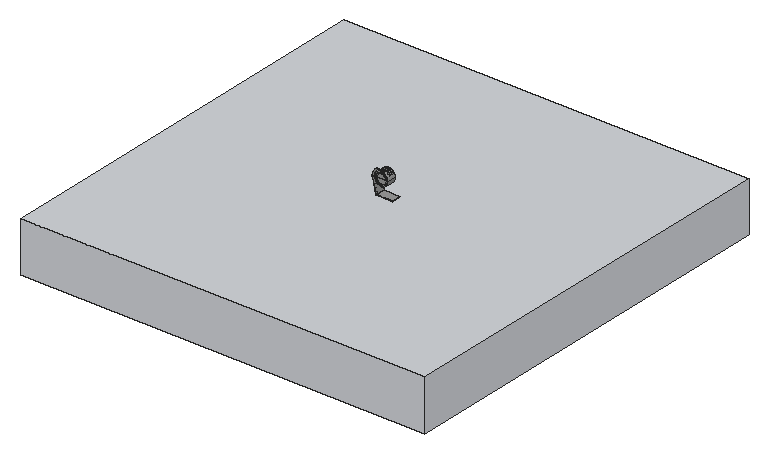
Revit family "LAMP_MICROSHOT G2", category Modelos genéricos, Revit 2015
Parameters (values of type "609LM 3000 MEDIUM FLOOD GR")
  Weight = 0.714 kg
  Type = "HI POWER NICHIA"
  Tilting [instance] = 0.00°
  Protection rating = "IP65 / IK06"
  Product datasheet = "http://www.lamp.es/product-files/TECH/MC209MF8300G-EN.pdf"
  Product code = "MC209MF8300G"
  Product URL = "http://www.lamp.es/en/family/shot_33486"
  Power Supply = "700mA DC"
  Power = 6 W
  Photometric web file = Cabeza Microshot : 609LM 3000 MEDIUM FLOOD
  Modelo = Product code  # "MC209MF8300G"
  Model explanation = "Availability of tilting between -30º and 90º when placed in a project."
  Material cuerpo = LAMP_Aluminio Shot
  Material cabeza = LAMP_Aluminio Shot
  Manufacturer name = "LAMP"
  Manufacturer country = "Spain"
  Manufacturer URL = "http://www.lamp.es/en"
  MacAdam = "3"
  Luminaire type = "Outdoor - Spotlight"
  Last update = "11/04/2019"
  Lamp = "HIGH POWER LED"
  LED Lifetime = "60.000 L90 B10"
  Insulation class = "III"
  Installation instructions = "http://www.lamp.es/product-files/INS/1003120-C-INSTR.%20MICRO%20SHOT.pdf"
  Initial intensity = 609 lm
  Initial color = 3000 K
  IEE = "A+"
  Height = 161 mm
  Gear = "Electronic"
  Finish = "Texturised grey"
  Fabricante = Manufacturer name  # "LAMP"
  Default Elevation = 1219.2 mm
  Diameter = 80 mm
  Descripción = "MICRO SHOT G2 900 WW MFL NO GEAR GR."
  Comentarios de tipo = Model explanation  # "Availability of tilting between -30º and 90º when placed in a project."
  CRI = "80"
  Angulo inclinacion [instance] = if(Tilting > 90.00°, 0.00°, if(Tilting < -30.00°, 120.00°, -Tilting + 90.00°))  # 90.00°
Types (8, lengths in mm): name | Product datasheet | Product code | Photometric web file | Modelo | Material cuerpo | Material cabeza | Initial intensity | Initial color | Finish | Descripción
  609LM 3000 MEDIUM FLOOD ANT | "http://www.lamp.es/product-files/TECH/MC209MF8300A-EN.pdf" | "MC209MF8300A" | Cabeza Microshot : 609LM 3000 MEDIUM FLOOD | "MC209MF8300A" | LAMP_Aluminio Shot Antracita | LAMP_Aluminio Shot Antracita | 609 lm | 3000 K | "Textured anthracite grey" | "MICRO SHOT G2 900 WW MFL NO GEAR ANT."
  609LM 3000 MEDIUM FLOOD GR | "http://www.lamp.es/product-files/TECH/MC209MF8300G-EN.pdf" | "MC209MF8300G" | Cabeza Microshot : 609LM 3000 MEDIUM FLOOD | "MC209MF8300G" | LAMP_Aluminio Shot | LAMP_Aluminio Shot | 609 lm | 3000 K | "Texturised grey" | "MICRO SHOT G2 900 WW MFL NO GEAR GR."
  609LM 4000 MEDIUM FLOOD ANT | "http://www.lamp.es/product-files/TECH/MC209MF8400A-EN.pdf" | "MC209MF8400A" | Cabeza Microshot : 609LM 4000 MEDIUM FLOOD | "MC209MF8400A" | LAMP_Aluminio Shot Antracita | LAMP_Aluminio Shot Antracita | 609 lm | 4000 K | "Textured anthracite grey" | "MICRO SHOT G2 900 NW MFL NO GEAR ANT."
  609LM 4000 MEDIUM FLOOD GR | "http://www.lamp.es/product-files/TECH/MC209MF8400G-EN.pdf" | "MC209MF8400G" | Cabeza Microshot : 609LM 4000 MEDIUM FLOOD | "MC209MF8400G" | LAMP_Aluminio Shot | LAMP_Aluminio Shot | 609 lm | 4000 K | "Texturised grey" | "MICRO SHOT G2 900 NW MFL NO GEAR GR."
  720LM 3000 SPOT ANT | "http://www.lamp.es/product-files/TECH/MC209SP8300A-EN.pdf" | "MC209SP8300A" | Cabeza Microshot : 720LM 3000 SPOT | "MC209SP8300A" | LAMP_Aluminio Shot Antracita | LAMP_Aluminio Shot Antracita | 720 lm | 3000 K | "Textured anthracite grey" | "MICRO SHOT G2 900 WW SP NO GEAR ANT."
  720LM 3000 SPOT GR | "http://www.lamp.es/product-files/TECH/MC209SP8300G-EN.pdf" | "MC209SP8300G" | Cabeza Microshot : 720LM 3000 SPOT | "MC209SP8300G" | LAMP_Aluminio Shot | LAMP_Aluminio Shot | 720 lm | 3000 K | "Texturised grey" | "MICRO SHOT G2 900 WW SP NO GEAR GR."
  720LM 4000 SPOT ANT | "http://www.lamp.es/product-files/TECH/MC209SP8400A-EN.pdf" | "MC209SP8400A" | Cabeza Microshot : 720LM 4000 SPOT | "MC209SP8400A" | LAMP_Aluminio Shot Antracita | LAMP_Aluminio Shot Antracita | 720 lm | 4000 K | "Textured anthracite grey" | "MICRO SHOT G2 900 NW SP NO GEAR ANT."
  720LM 4000 SPOT GR | "http://www.lamp.es/product-files/TECH/MC209SP8400G-EN.pdf" | "MC209SP8400G" | Cabeza Microshot : 720LM 4000 SPOT | "MC209SP8400G" | LAMP_Aluminio Shot | LAMP_Aluminio Shot | 720 lm | 4000 K | "Texturised grey" | "MICRO SHOT G2 900 NW SP NO GEAR GR."
Reference planes
  plane 1 "Centro (Frontal/Posterior)": y = 0
  plane 2: z = 0
  plane 3 "Centro (Izquierda/Derecha)": x = 0
  plane 4: z = 118.097
Forms (mm)
  Extrusion 1, solid
    sketch origin (0, 0, 0) x (1, 0, 0) y (0, 1, 0)
      loop
        line (-1219.2, 1219.2) -> (-1219.2, -1219.2) -> (1219.2, -1219.2) -> (1219.2, 1219.2) -> (-1219.2, 1219.2)
    from 0 to -304.8
  Extrusion 2, solid, material "LAMP_Aluminio Shot" <- "Material cuerpo"
    sketch origin (0, 0, 0) x (1, 0, 0) y (0, 0, 1)
      loop
        line (-48.3, 0) -> (48.3, 0) -> (48.3, 3) -> (-48.8, 3)
        arc (-48.8, 3) -> (-49.507, 3.293) -> (-49.8, 4) r 1
        line (-49.8, 4) -> (-49.8, 143.4) -> (-52.8, 143.4) -> (-52.8, 4.5)
        arc (-52.8, 4.5) -> (-51.482, 1.318) -> (-48.3, 0) r 4.5
    from -64.154 to 55.846
  Extrusion 3, void
    sketch origin (0, 6.238, 0) x (0, 1, 0) y (0, 0, 1)
      loop
        line (50, 5) -> (50, 0) -> (57.916, 0) -> (57.916, 5) -> (57.916, 143.4) -> (12.916, 143.4) -> (-38.848, 143.4) -> (-62.084, 143.4) -> (-62.084, 5) -> (-62.084, 0) -> (-1.764, 0) -> (-1.764, 5) -> (-30.338, 111.64)
        arc (-30.338, 111.64) -> (-12.66, 142.259) -> (17.958, 124.581) r 25
        line (17.958, 124.581) -> (50, 5)
    from -52.8 to 48.8
  Extrusion 4, void
    sketch origin (0, 6.238, 0) x (0, 1, 0) y (0, 0, 1)
      loop
        circle (-6.238, 118.097) r 12.3
      loop
        arc (11.176, 115.919) -> (-0.6, 134.717) -> (-21.383, 126.965) r 17.55
        arc (-21.383, 126.965) -> (-20.712, 124.399) -> (-18.147, 125.07) r 1.875
        arc (-18.147, 125.07) -> (-1.583, 131.088) -> (7.389, 115.919) r 13.8
        arc (7.389, 115.919) -> (9.283, 114.026) -> (11.176, 115.919) r 1.894
    from -52.8 to -49.8
  Extrusion 5, solid, material "LAMP_Aluminio Shot" <- "Material cuerpo"
    sketch origin (0, 0, 0) x (0, 1, 0) y (0, 0, 1)
      loop
        line (47.921, 8.423) -> (47.921, 22.496)
        arc (47.921, 22.496) -> (47.097, 23.32) -> (46.272, 22.496) r 0.824
        line (46.272, 22.496) -> (46.272, 10.038)
        arc (46.272, 10.038) -> (46.058, 9.52) -> (45.54, 9.305) r 0.733
        line (45.54, 9.305) -> (43.815, 9.305)
        arc (43.815, 9.305) -> (43.369, 9.448) -> (43.088, 9.824) r 0.768
        line (43.088, 9.824) -> (38.839, 22.179)
        arc (38.839, 22.179) -> (37.363, 23.233) -> (35.887, 22.179) r 1.561
        line (35.887, 22.179) -> (31.68, 9.946)
        arc (31.68, 9.946) -> (30.629, 9.321) -> (29.839, 10.254) r 0.946
        line (29.839, 10.254) -> (29.839, 21.715)
        arc (29.839, 21.715) -> (28.643, 23.377) -> (26.687, 22.771) r 1.753
        line (26.687, 22.771) -> (24.056, 20.14) -> (21.426, 22.771)
        arc (21.426, 22.771) -> (19.469, 23.377) -> (18.273, 21.715) r 1.753
        line (18.273, 21.715) -> (18.273, 10.067)
        arc (18.273, 10.067) -> (18.05, 9.528) -> (17.511, 9.305) r 0.762
        line (17.511, 9.305) -> (15.816, 9.305)
        arc (15.816, 9.305) -> (15.274, 9.53) -> (15.049, 10.071) r 0.766
        line (15.049, 10.071) -> (15.049, 22.467)
        arc (15.049, 22.467) -> (14.825, 23.008) -> (14.283, 23.233) r 0.766
        line (14.283, 23.233) -> (7.581, 23.233)
        arc (7.581, 23.233) -> (7.032, 23.005) -> (6.805, 22.457) r 0.776
        line (6.805, 22.457) -> (6.805, 16.552)
        arc (6.805, 16.552) -> (7.022, 16.029) -> (7.544, 15.813) r 0.739
        line (7.544, 15.813) -> (12.383, 15.813)
        arc (12.383, 15.813) -> (13.207, 16.637) -> (12.383, 17.462) r 0.824
        line (12.383, 17.462) -> (9.212, 17.462)
        arc (9.212, 17.462) -> (8.676, 17.684) -> (8.454, 18.219) r 0.758
        line (8.454, 18.219) -> (8.454, 20.821)
        arc (8.454, 20.821) -> (8.677, 21.36) -> (9.216, 21.584) r 0.762
        line (9.216, 21.584) -> (12.66, 21.584)
        arc (12.66, 21.584) -> (13.184, 21.367) -> (13.4, 20.843) r 0.74
        line (13.4, 20.843) -> (13.4, 8.444)
        arc (13.4, 8.444) -> (13.625, 7.902) -> (14.166, 7.678) r 0.766
        line (14.166, 7.678) -> (19.243, 7.678)
        arc (19.243, 7.678) -> (19.744, 7.885) -> (19.951, 8.385) r 0.708
        line (19.951, 8.385) -> (19.951, 21.479) -> (24.056, 17.373) -> (28.162, 21.479) -> (28.162, 8.511)
        arc (28.162, 8.511) -> (28.375, 7.995) -> (28.89, 7.782) r 0.729
        line (28.89, 7.782) -> (32.16, 7.782)
        arc (32.16, 7.782) -> (32.582, 7.917) -> (32.848, 8.273) r 0.727
        line (32.848, 8.273) -> (37.363, 21.396) -> (41.903, 8.2)
        arc (41.903, 8.2) -> (42.186, 7.822) -> (42.636, 7.678) r 0.775
        line (42.636, 7.678) -> (47.176, 7.678)
        arc (47.176, 7.678) -> (47.703, 7.896) -> (47.921, 8.423) r 0.745
    from -53.8 to -52.8
Cuts and joins
  Extrusion 3, Extrusion 4 cuts Extrusion 2
Lines and regions (mm)
  reference lines
    curve 1: line (0, 0, 118.097) -> (0, 100, 118.097)
    curve 2: line (0, 12.3, 118.097) -> (0, -12.3, 118.097)
Text (mm)
  text "Any modification of the parameters and properties of the LAMP BIM models must be executed and validated by the LAMP technical department.\n\nPhone: +34 93 736 68 00\n\nE-mail: lamp@lamp.es\n\n\n\nLAMP reserves the right to modify the technical specifications of its products." at (13118.71, 21931.141, -7023.284), in view "Preview"
Dimensions and locks
  "Angulo inclinacion": angle curve 1 to plane 1 "Centro (Frontal/Posterior)"
  aligned and locked: plane 2 to Extrusion 1
  aligned and locked: level to Extrusion 1
  aligned and locked: plane 1 "Centro (Frontal/Posterior)" to curve 1
  aligned and locked: plane 4 to curve 1
Automatic sketch dimensions
  Extrusion 1 sketch curve to Extrusion 1 sketch curve = 2438.4 mm  (x2)
  Extrusion 2 sketch curve to level = 0 mm
  Extrusion 2 sketch curve to plane 4 = 25.303 mm
  Extrusion 2 sketch curve to plane 3 "Centro (Izquierda/Derecha)" = 52.8 mm
  Extrusion 2 sketch curve to Extrusion 2 sketch curve = 3 mm
  Extrusion 2 sketch curve to Extrusion 2 sketch curve = 1 mm
  Extrusion 2 sketch curve to Extrusion 2 sketch curve = 0.5 mm
  plane 3 "Centro (Izquierda/Derecha)" to Extrusion 2 sketch curve = 48.3 mm
  level to Extrusion 2 sketch curve = 3 mm
  Extrusion 3 sketch curve to level = 0 mm  (x2)
  level to Extrusion 3 sketch curve = 5 mm  (x4)
  plane 1 "Centro (Frontal/Posterior)" to Extrusion 3 sketch curve = 55.846 mm
  Extrusion 3 sketch curve to Extrusion 3 sketch curve = 23.236 mm
  plane 4 to Extrusion 3 sketch curve = 6.458 mm
  plane 1 "Centro (Frontal/Posterior)" to Extrusion 3 sketch curve = 24.1 mm
  Extrusion 3 sketch curve to plane 4 = 0.013 mm
  Extrusion 3 sketch curve to plane 1 "Centro (Frontal/Posterior)" = 0.048 mm
  Extrusion 3 sketch curve to plane 1 "Centro (Frontal/Posterior)" = 4.474 mm
  Extrusion 3 sketch curve to plane 1 "Centro (Frontal/Posterior)" = 19.154 mm
  Extrusion 3 sketch curve to plane 4 = 6.483 mm
  Extrusion 3 sketch curve to Extrusion 3 sketch curve = 51.764 mm
  Extrusion 3 sketch curve to Extrusion 3 sketch curve = 7.916 mm
  Extrusion 3 sketch curve to plane 4 = 25.303 mm
  Extrusion 4 sketch curve to Extrusion 4 sketch curve = 0 mm  (x7)
  Extrusion 4 sketch curve to plane 1 "Centro (Frontal/Posterior)" = 0 mm
  plane 4 to Extrusion 4 sketch curve = 0 mm
  plane 1 "Centro (Frontal/Posterior)" to Extrusion 4 sketch curve = 13.527 mm
  plane 4 to Extrusion 4 sketch curve = 2.178 mm
  Extrusion 4 sketch curve to plane 1 "Centro (Frontal/Posterior)" = 15.521 mm
  Extrusion 4 sketch curve to plane 4 = 7.92 mm
  Extrusion 4 sketch curve to Extrusion 4 sketch curve = 1.618 mm
  Extrusion 5 sketch curve to plane 1 "Centro (Frontal/Posterior)" = 6.805 mm
  Extrusion 5 sketch curve to Extrusion 5 sketch curve = 0.739 mm
  Extrusion 5 sketch curve to Extrusion 5 sketch curve = 0.776 mm
  Extrusion 5 sketch curve to Extrusion 5 sketch curve = 0.91 mm
  Extrusion 5 sketch curve to Extrusion 5 sketch curve = 0.758 mm
  Extrusion 5 sketch curve to Extrusion 5 sketch curve = 0.762 mm  (x2)
  Extrusion 5 sketch curve to Extrusion 5 sketch curve = 3.171 mm
  Extrusion 5 sketch curve to Extrusion 5 sketch curve = 3.444 mm
  Extrusion 5 sketch curve to Extrusion 5 sketch curve = 1.018 mm
  Extrusion 5 sketch curve to Extrusion 5 sketch curve = 0.766 mm  (x3)
  Extrusion 5 sketch curve to Extrusion 5 sketch curve = 1.623 mm
  Extrusion 5 sketch curve to Extrusion 5 sketch curve = 1.696 mm
  Extrusion 5 sketch curve to Extrusion 5 sketch curve = 1.732 mm
  Extrusion 5 sketch curve to Extrusion 5 sketch curve = 1.677 mm  (x2)
  Extrusion 5 sketch curve to Extrusion 5 sketch curve = 0.076 mm  (x2)
  Extrusion 5 sketch curve to Extrusion 5 sketch curve = 1.399 mm  (x2)
  Extrusion 5 sketch curve to Extrusion 5 sketch curve = 4.105 mm
  Extrusion 5 sketch curve to Extrusion 5 sketch curve = 0 mm  (x2)
  Extrusion 5 sketch curve to Extrusion 5 sketch curve = 2.631 mm
  Extrusion 5 sketch curve to Extrusion 5 sketch curve = 0.729 mm
  Extrusion 5 sketch curve to Extrusion 5 sketch curve = 0.946 mm
  level to Extrusion 5 sketch curve = 9.946 mm
  Extrusion 5 sketch curve to Extrusion 5 sketch curve = 0.895 mm
  Extrusion 5 sketch curve to Extrusion 5 sketch curve = 0.48 mm
  level to Extrusion 5 sketch curve = 8.273 mm
  Extrusion 5 sketch curve to Extrusion 5 sketch curve = 0.688 mm
  Extrusion 5 sketch curve to Extrusion 5 sketch curve = 6.048 mm
  Extrusion 5 sketch curve to Extrusion 5 sketch curve = 1.476 mm  (x2)
  level to Extrusion 5 sketch curve = 22.179 mm
  level to Extrusion 5 sketch curve = 8.2 mm
  Extrusion 5 sketch curve to Extrusion 5 sketch curve = 9.055 mm
  Extrusion 5 sketch curve to Extrusion 5 sketch curve = 0.733 mm
  level to Extrusion 5 sketch curve = 9.824 mm
  Extrusion 5 sketch curve to Extrusion 5 sketch curve = 0.453 mm
  Extrusion 5 sketch curve to Extrusion 5 sketch curve = 0.727 mm
  Extrusion 5 sketch curve to Extrusion 5 sketch curve = 1.725 mm
  Extrusion 5 sketch curve to Extrusion 5 sketch curve = 7.433 mm
  Extrusion 5 sketch curve to Extrusion 5 sketch curve = 0.824 mm  (x2)
  Extrusion 5 sketch curve to Extrusion 5 sketch curve = 0.745 mm
  Extrusion 5 sketch curve to Extrusion 5 sketch curve = 0.491 mm
  Extrusion 5 sketch curve to Extrusion 5 sketch curve = 2.146 mm
  level to Extrusion 5 sketch curve = 7.678 mm
  Extrusion 5 sketch curve to Extrusion 5 sketch curve = 0.92 mm
  Extrusion 5 sketch curve to Extrusion 5 sketch curve = 0.882 mm
  Extrusion 5 sketch curve to Extrusion 5 sketch curve = 5.741 mm
  Extrusion 5 sketch curve to Extrusion 5 sketch curve = 7.12 mm
  Extrusion 5 sketch curve to Extrusion 5 sketch curve = 2.767 mm
  Extrusion 5 sketch curve to Extrusion 5 sketch curve = 2.602 mm
  Extrusion 5 sketch curve to Extrusion 5 sketch curve = 0.783 mm
  Extrusion 5 sketch curve to Extrusion 5 sketch curve = 1.338 mm
  Extrusion 5 sketch curve to Extrusion 5 sketch curve = 0.276 mm
  Extrusion 5 sketch curve to Extrusion 5 sketch curve = 0.236 mm
  Extrusion 5 sketch curve to Extrusion 5 sketch curve = 1.635 mm
  Extrusion 5 sketch curve to Extrusion 5 sketch curve = 0.317 mm
  plane 4 to curve 2 = 0 mm
  plane 1 "Centro (Frontal/Posterior)" to curve 2 = 12.3 mm
  curve 1 to curve 2 = 12.3 mm
  radius of Extrusion 4 sketch curve = 12.3 mm
Nested families
  nested 1: "Cabeza Microshot" at (3.2, -1544.868, 118.047) x (1, 0, 0) z (0, 1, 0), type <- "Photometric web file", type "609LM 3000 MEDIUM FLOOD"
Connectors
  electrical at (3.2, 23.132, 118.047)
    settings: on nested 1, index 1, voltage 230 V, apparent load 0 VA, apparent load phase1 0 VA, apparent load phase2 0 VA, apparent load phase3 0 VA, power factor 1, load classification "Otro", number of poles 1, system type 31, power factor state 1, is connector primary yes, connector utility no, sub classification motor no, connector description ""
Definition of nested family "Cabeza Microshot"
  Parameters (values of type "609LM 3000 MEDIUM FLOOD")
    Tilt Angle = 90.00°
    Wattage = 9.4 W
    built-in parameter 1150110 = 1 (stored number, unit not read)
    Material cristal serigrafiado = none
    Material cristal = none
    Material cabeza = none
    built-in parameter 1114217 = 1 (stored number, unit not read)
    built-in parameter 1150109 = 1 (stored number, unit not read)
    Default Elevation = 1219.2 mm
    Dist. Luz = 20 mm
    built-in parameter 1150134 = (empty or 0)
    built-in parameter 1150113 = 1 (stored number, unit not read)
    Lumens = 609.12 lm
    built-in parameter 1150115 = 1 (stored number, unit not read)
    built-in parameter 1150105 = 48.472 (stored number, unit not read)
    built-in parameter 1150137 = (empty or 0)
    built-in parameter 1150139 = (empty or 0)
    built-in parameter 1150112 = 1 (stored number, unit not read)
    built-in parameter 1150114 = 1 (stored number, unit not read)
    built-in parameter 1150132 = 2
    built-in parameter 1150102 = (empty or 0)
    built-in parameter 1150138 = (empty or 0)
    built-in parameter 1150107 = 3000 (stored number, unit not read)
    built-in parameter 1150106 = 0.48472 (stored number, unit not read)
    built-in parameter 1150104 = 6.0201 (stored number, unit not read)
    Dimming Lamp Color Temperature Shift = (empty or 0)
    Color Filter = 16777215
    built-in parameter 1114218 = 1 (stored number, unit not read)
    Photometric Web File = "MC209MF830NA.IES"
    built-in parameter 1150133 = 10 (stored number, unit not read)
  Types (5, lengths in mm): name | built-in parameter 1150134 | Lumens | built-in parameter 1150105 | built-in parameter 1150107 | built-in parameter 1150106 | built-in parameter 1150104 | Photometric Web File
    (no name) | (empty or 0) | 609.12 lm | 48.472 (stored number, unit not read) | 3000 (stored number, unit not read) | 0.48472 (stored number, unit not read) | 6.0201 (stored number, unit not read) | "MC209MF830NA.IES"
    609LM 3000 MEDIUM FLOOD | (empty or 0) | 609.12 lm | 48.472 (stored number, unit not read) | 3000 (stored number, unit not read) | 0.48472 (stored number, unit not read) | 6.0201 (stored number, unit not read) | "MC209MF830NA.IES"
    609LM 4000 MEDIUM FLOOD | 12 | 609.12 lm | 48.472 (stored number, unit not read) | 4000 (stored number, unit not read) | 0.48472 (stored number, unit not read) | 6.0201 (stored number, unit not read) | "MC209MF840NA.IES"
    720LM 3000 SPOT | (empty or 0) | 720.04 lm | 2046 (stored number, unit not read) | 3000 (stored number, unit not read) | 20.46 (stored number, unit not read) | 7.1164 (stored number, unit not read) | "MC209SP830NA.IES"
    720LM 4000 SPOT | 12 | 720.04 lm | 2046 (stored number, unit not read) | 4000 (stored number, unit not read) | 20.46 (stored number, unit not read) | 7.1164 (stored number, unit not read) | "MC209SP840NA.IES"
  Reference planes
    plane 1 "Eje de origen de luz (F/P)": y = 0
    plane 2: z = 0
    plane 3 "Eje de origen de luz (I/D)": x = 0
    plane 4 "Elevación de origen de luz": z = 1500
    plane 5: z = 1520
  Forms (mm)
    Revolve 1, solid, material <- "Material cabeza"
      sketch origin (0, 0, 0) x (1, 0, 0) y (0, 0, 1)
        loop
          line (-40, 1520) -> (-38, 1520) -> (-38, 1525) -> (0, 1525) -> (0, 1570) -> (-40, 1570) -> (-40, 1520)
        axis (0, 1520) -> (0, 1570)
      angle from 0 to 360
    Extrusion 2, void
      sketch origin (-487.683, -5000, 1520) x (0, -1, 0) y (-1, 0, 0)
        loop
          line (-4980.817, -452.583) -> (-5019.183, -452.583) -> (-5025.264, -452.583) -> (-5025.264, -455.883) -> (-5024.264, -455.883) -> (-4975.736, -455.883) -> (-4974.736, -455.883) -> (-4974.736, -452.583) -> (-4980.817, -452.583)
        loop
          line (-4971.731, -459.383) -> (-5028.269, -459.383) -> (-5032.225, -459.383) -> (-5032.225, -462.683) -> (-5031.225, -462.683) -> (-4968.775, -462.683) -> (-4967.775, -462.683) -> (-4967.775, -459.383) -> (-4971.731, -459.383)
        loop
          line (-4966.398, -465.983) -> (-5033.602, -465.983) -> (-5036.5, -465.983) -> (-5036.5, -469.283) -> (-4964.483, -469.283) -> (-4963.483, -469.283) -> (-4963.483, -465.983) -> (-4966.398, -465.983)
        loop
          circle (-5000, -487.683) r 9.5
        loop
          line (-4960.8, -472.583) -> (-5037.04, -472.583) -> (-5039.2, -472.583) -> (-5039.2, -475.883) -> (-4960.8, -475.883) -> (-4960.8, -472.583)
        loop
          line (-4980.817, -522.783) -> (-4974.736, -522.783) -> (-4974.736, -519.483) -> (-4975.736, -519.483) -> (-5024.264, -519.483) -> (-5025.264, -519.483) -> (-5025.264, -522.783) -> (-5019.183, -522.783) -> (-4980.817, -522.783)
        loop
          line (-4971.731, -515.983) -> (-4967.775, -515.983) -> (-4967.775, -512.683) -> (-4968.775, -512.683) -> (-5031.225, -512.683) -> (-5032.225, -512.683) -> (-5032.225, -515.983) -> (-5028.269, -515.983) -> (-4971.731, -515.983)
        loop
          line (-4966.398, -509.383) -> (-4963.483, -509.383) -> (-4963.483, -506.083) -> (-4964.483, -506.083) -> (-5036.5, -506.083) -> (-5036.5, -509.383) -> (-5033.602, -509.383) -> (-4966.398, -509.383)
        loop
          line (-4960.8, -502.783) -> (-4960.8, -499.483) -> (-5039.2, -499.483) -> (-5039.2, -502.783) -> (-5037.04, -502.783) -> (-4960.8, -502.783)
        loop
          line (-5039.086, -479.183) -> (-5040.637, -479.183) -> (-5040.637, -482.483) -> (-5010.537, -482.483)
          arc (-5010.537, -482.483) -> (-5009.469, -480.726) -> (-5008.112, -479.183) r 11.75
          line (-5008.112, -479.183) -> (-5039.086, -479.183)
        loop
          line (-5039.086, -496.183) -> (-5008.112, -496.183)
          arc (-5008.112, -496.183) -> (-5009.469, -494.639) -> (-5010.537, -492.883) r 11.75
          line (-5010.537, -492.883) -> (-5040.637, -492.883) -> (-5040.637, -496.183) -> (-5039.086, -496.183)
        loop
          line (-4960.914, -479.183) -> (-4991.888, -479.183)
          arc (-4991.888, -479.183) -> (-4990.531, -480.726) -> (-4989.463, -482.483) r 11.75
          line (-4989.463, -482.483) -> (-4959.363, -482.483) -> (-4959.363, -479.183) -> (-4960.914, -479.183)
        loop
          line (-4960.914, -496.183) -> (-4959.363, -496.183) -> (-4959.363, -492.883) -> (-4989.463, -492.883)
          arc (-4989.463, -492.883) -> (-4990.531, -494.639) -> (-4991.888, -496.183) r 11.75
          line (-4991.888, -496.183) -> (-4960.914, -496.183)
        loop
          line (-5040.637, -485.783) -> (-5040.637, -489.083) -> (-5011.666, -489.083)
          arc (-5011.666, -489.083) -> (-5011.747, -487.43) -> (-5011.595, -485.783) r 11.75
          line (-5011.595, -485.783) -> (-5040.637, -485.783)
        loop
          line (-4959.363, -485.783) -> (-4988.405, -485.783)
          arc (-4988.405, -485.783) -> (-4988.253, -487.43) -> (-4988.334, -489.083) r 11.75
          line (-4988.334, -489.083) -> (-4959.363, -489.083) -> (-4959.363, -485.783)
      from -50 to -48
    Extrusion 3, void
      sketch origin (-487.683, -5000, 1520) x (0, -1, 0) y (-1, 0, 0)
        loop
          line (-5024.264, -455.883) -> (-5020.803, -455.883)
          arc (-5020.803, -455.883) -> (-5017.758, -454.087) -> (-5014.56, -452.583) r 38
          line (-5014.56, -452.583) -> (-5019.183, -452.583)
          arc (-5019.183, -452.583) -> (-5021.786, -454.136) -> (-5024.264, -455.883) r 40
        loop
          line (-5031.253, -462.683) -> (-5028.618, -462.683)
          arc (-5028.618, -462.683) -> (-5027.039, -460.983) -> (-5025.36, -459.383) r 38
          line (-5025.36, -459.383) -> (-5028.3, -459.383)
          arc (-5028.3, -459.383) -> (-5029.822, -460.992) -> (-5031.253, -462.683) r 40.022
        loop
          arc (-5033.602, -465.983) -> (-5034.599, -467.61) -> (-5035.517, -469.283) r 40
          line (-5035.517, -469.283) -> (-5033.248, -469.283)
          arc (-5033.248, -469.283) -> (-5032.264, -467.607) -> (-5031.195, -465.983) r 38
          line (-5031.195, -465.983) -> (-5033.602, -465.983)
        loop
          arc (-5037.04, -472.583) -> (-5037.666, -474.22) -> (-5038.22, -475.883) r 40
          line (-5038.22, -475.883) -> (-5036.121, -475.883)
          arc (-5036.121, -475.883) -> (-5035.535, -474.218) -> (-5034.871, -472.583) r 38
          line (-5034.871, -472.583) -> (-5037.04, -472.583)
        loop
          arc (-5039.086, -479.183) -> (-5039.408, -480.827) -> (-5039.661, -482.483) r 40
          line (-5039.661, -482.483) -> (-5037.643, -482.483)
          arc (-5037.643, -482.483) -> (-5037.376, -480.826) -> (-5037.037, -479.183) r 38
          line (-5037.037, -479.183) -> (-5039.086, -479.183)
        loop
          arc (-5039.955, -485.783) -> (-5039.999, -487.433) -> (-5039.975, -489.083) r 40
          line (-5039.975, -489.083) -> (-5037.974, -489.083)
          arc (-5037.974, -489.083) -> (-5037.999, -487.433) -> (-5037.952, -485.783) r 38
          line (-5037.952, -485.783) -> (-5039.955, -485.783)
        loop
          arc (-5024.264, -519.483) -> (-5021.786, -521.229) -> (-5019.183, -522.783) r 40
          line (-5019.183, -522.783) -> (-5014.56, -522.783)
          arc (-5014.56, -522.783) -> (-5017.758, -521.278) -> (-5020.803, -519.483) r 38
          line (-5020.803, -519.483) -> (-5024.264, -519.483)
        loop
          arc (-5031.253, -512.683) -> (-5029.822, -514.374) -> (-5028.3, -515.983) r 40.022
          line (-5028.3, -515.983) -> (-5025.36, -515.983)
          arc (-5025.36, -515.983) -> (-5027.039, -514.383) -> (-5028.618, -512.683) r 38
          line (-5028.618, -512.683) -> (-5031.253, -512.683)
        loop
          line (-5033.602, -509.383) -> (-5031.195, -509.383)
          arc (-5031.195, -509.383) -> (-5032.264, -507.759) -> (-5033.248, -506.083) r 38
          line (-5033.248, -506.083) -> (-5035.517, -506.083)
          arc (-5035.517, -506.083) -> (-5034.599, -507.756) -> (-5033.602, -509.383) r 40
        loop
          line (-5037.04, -502.783) -> (-5034.871, -502.783)
          arc (-5034.871, -502.783) -> (-5035.535, -501.147) -> (-5036.121, -499.483) r 38
          line (-5036.121, -499.483) -> (-5038.22, -499.483)
          arc (-5038.22, -499.483) -> (-5037.666, -501.146) -> (-5037.04, -502.783) r 40
        loop
          line (-5039.086, -496.183) -> (-5037.037, -496.183)
          arc (-5037.037, -496.183) -> (-5037.376, -494.539) -> (-5037.643, -492.883) r 38
          line (-5037.643, -492.883) -> (-5039.661, -492.883)
          arc (-5039.661, -492.883) -> (-5039.408, -494.539) -> (-5039.086, -496.183) r 40
        loop
          arc (-4975.736, -455.883) -> (-4978.214, -454.136) -> (-4980.817, -452.583) r 40
          line (-4980.817, -452.583) -> (-4985.44, -452.583)
          arc (-4985.44, -452.583) -> (-4982.242, -454.087) -> (-4979.197, -455.883) r 38
          line (-4979.197, -455.883) -> (-4975.736, -455.883)
        loop
          arc (-4968.747, -462.683) -> (-4970.178, -460.992) -> (-4971.7, -459.383) r 40.022
          line (-4971.7, -459.383) -> (-4974.64, -459.383)
          arc (-4974.64, -459.383) -> (-4972.961, -460.983) -> (-4971.382, -462.683) r 38
          line (-4971.382, -462.683) -> (-4968.747, -462.683)
        loop
          line (-4966.398, -465.983) -> (-4968.805, -465.983)
          arc (-4968.805, -465.983) -> (-4967.736, -467.607) -> (-4966.752, -469.283) r 38
          line (-4966.752, -469.283) -> (-4964.483, -469.283)
          arc (-4964.483, -469.283) -> (-4965.401, -467.61) -> (-4966.398, -465.983) r 40
        loop
          line (-4962.96, -472.583) -> (-4965.129, -472.583)
          arc (-4965.129, -472.583) -> (-4964.465, -474.218) -> (-4963.879, -475.883) r 38
          line (-4963.879, -475.883) -> (-4961.78, -475.883)
          arc (-4961.78, -475.883) -> (-4962.334, -474.22) -> (-4962.96, -472.583) r 40
        loop
          line (-4960.914, -479.183) -> (-4962.963, -479.183)
          arc (-4962.963, -479.183) -> (-4962.624, -480.826) -> (-4962.357, -482.483) r 38
          line (-4962.357, -482.483) -> (-4960.339, -482.483)
          arc (-4960.339, -482.483) -> (-4960.592, -480.827) -> (-4960.914, -479.183) r 40
        loop
          line (-4960.045, -485.783) -> (-4962.048, -485.783)
          arc (-4962.048, -485.783) -> (-4962.001, -487.433) -> (-4962.026, -489.083) r 38
          line (-4962.026, -489.083) -> (-4960.025, -489.083)
          arc (-4960.025, -489.083) -> (-4960.001, -487.433) -> (-4960.045, -485.783) r 40
        loop
          line (-4975.736, -519.483) -> (-4979.197, -519.483)
          arc (-4979.197, -519.483) -> (-4982.242, -521.278) -> (-4985.44, -522.783) r 38
          line (-4985.44, -522.783) -> (-4980.817, -522.783)
          arc (-4980.817, -522.783) -> (-4978.214, -521.229) -> (-4975.736, -519.483) r 40
        loop
          line (-4968.747, -512.683) -> (-4971.382, -512.683)
          arc (-4971.382, -512.683) -> (-4972.961, -514.383) -> (-4974.64, -515.983) r 38
          line (-4974.64, -515.983) -> (-4971.7, -515.983)
          arc (-4971.7, -515.983) -> (-4970.178, -514.374) -> (-4968.747, -512.683) r 40.022
        loop
          arc (-4966.398, -509.383) -> (-4965.401, -507.756) -> (-4964.483, -506.083) r 40
          line (-4964.483, -506.083) -> (-4966.752, -506.083)
          arc (-4966.752, -506.083) -> (-4967.736, -507.759) -> (-4968.805, -509.383) r 38
          line (-4968.805, -509.383) -> (-4966.398, -509.383)
        loop
          arc (-4962.96, -502.783) -> (-4962.334, -501.146) -> (-4961.78, -499.483) r 40
          line (-4961.78, -499.483) -> (-4963.879, -499.483)
          arc (-4963.879, -499.483) -> (-4964.465, -501.147) -> (-4965.129, -502.783) r 38
          line (-4965.129, -502.783) -> (-4962.96, -502.783)
        loop
          arc (-4960.914, -496.183) -> (-4960.592, -494.539) -> (-4960.339, -492.883) r 40
          line (-4960.339, -492.883) -> (-4962.357, -492.883)
          arc (-4962.357, -492.883) -> (-4962.624, -494.539) -> (-4962.963, -496.183) r 38
          line (-4962.963, -496.183) -> (-4960.914, -496.183)
      from -48 to -12
    Revolve 4, solid, material <- "Material cabeza"
      sketch origin (0, 0, 0) x (1, 0, 0) y (0, 0, 1)
        loop
          line (-36.986, 1545) -> (-36.986, 1563.5) -> (-53, 1563.5) -> (-53, 1545) -> (-36.986, 1545)
        axis (-53, 1545) -> (-36.986, 1545)
      angle from 0 to 360
    Revolve 5, solid, material <- "Material cristal serigrafiado"
      sketch origin (0, 0, 0) x (1, 0, 0) y (0, 0, 1)
        loop
          line (-30, 1520) -> (-30, 1525) -> (-38, 1525) -> (-38, 1520) -> (-30, 1520)
        axis (0, 1520) -> (0, 1525)
      angle from 0 to 360
    Revolve 6, solid, material <- "Material cristal"
      sketch origin (0, 0, 0) x (1, 0, 0) y (0, 0, 1)
        loop
          line (-30, 1525) -> (-30, 1520) -> (0, 1520) -> (0, 1525) -> (-30, 1525)
        axis (0, 1525) -> (0, 1520)
      angle from 0 to 360
  Cuts and joins
    Extrusion 2, Extrusion 3 cuts Revolve 1
    joined: Revolve 1, Revolve 4
  Dimensions and locks
    "Dist. Luz": plane 5 to plane 4 "Elevación de origen de luz"
    aligned and locked: plane 3 "Eje de origen de luz (I/D)" to imposter light
    aligned and locked: plane 1 "Eje de origen de luz (F/P)" to imposter light
    aligned and locked: plane 4 "Elevación de origen de luz" to imposter light
    aligned and locked: level to plane 2
  Automatic sketch dimensions
    Revolve 1 sketch curve to plane 5 = 0 mm
    Revolve 1 sketch curve to plane 3 "Eje de origen de luz (I/D)" = 0 mm
    Revolve 1 sketch curve to plane 3 "Eje de origen de luz (I/D)" = 38 mm
    Revolve 1 sketch curve to Revolve 1 sketch curve = 2 mm
    Revolve 1 sketch curve to Revolve 1 sketch curve = 5 mm
    Revolve 1 sketch curve to Revolve 1 sketch curve = 45 mm
    Extrusion 2 sketch curve to Extrusion 2 sketch curve = 0 mm  (x43)
    plane 1 "Eje de origen de luz (F/P)" to Extrusion 2 sketch curve = 0 mm
    Extrusion 2 sketch curve to plane 3 "Eje de origen de luz (I/D)" = 0 mm
    Extrusion 2 sketch curve to plane 1 "Eje de origen de luz (F/P)" = 8.112 mm  (x2)
    Extrusion 2 sketch curve to Extrusion 2 sketch curve = 2.424 mm  (x4)
    Extrusion 2 sketch curve to Extrusion 2 sketch curve = 1.059 mm  (x2)
    plane 3 "Eje de origen de luz (I/D)" to Extrusion 2 sketch curve = 1.4 mm  (x2)
    Extrusion 2 sketch curve to Extrusion 2 sketch curve = 0.071 mm  (x2)
    Extrusion 2 sketch curve to plane 1 "Eje de origen de luz (F/P)" = 19.183 mm  (x2)
    Extrusion 2 sketch curve to Extrusion 2 sketch curve = 5.081 mm  (x4)
    Extrusion 2 sketch curve to Extrusion 2 sketch curve = 1 mm  (x10)
    Extrusion 2 sketch curve to Extrusion 2 sketch curve = 3.004 mm  (x4)
    Extrusion 2 sketch curve to Extrusion 2 sketch curve = 2.956 mm  (x4)
    Extrusion 2 sketch curve to Extrusion 2 sketch curve = 1.377 mm  (x4)
    Extrusion 2 sketch curve to Extrusion 2 sketch curve = 2.898 mm  (x2)
    Extrusion 2 sketch curve to Extrusion 2 sketch curve = 0.54 mm  (x2)
    Extrusion 2 sketch curve to Extrusion 2 sketch curve = 2.046 mm  (x2)
    Extrusion 2 sketch curve to Extrusion 2 sketch curve = 2.16 mm  (x2)
    Extrusion 2 sketch curve to Extrusion 2 sketch curve = 1.55 mm  (x5)
    plane 1 "Eje de origen de luz (F/P)" to Extrusion 2 sketch curve = 8.112 mm  (x2)
    plane 1 "Eje de origen de luz (F/P)" to Extrusion 2 sketch curve = 19.183 mm  (x2)
    Extrusion 2 sketch curve to Extrusion 2 sketch curve = 1.915 mm  (x2)
    Extrusion 2 sketch curve to Extrusion 2 sketch curve = 2.57 mm  (x2)
    Extrusion 2 sketch curve to Extrusion 2 sketch curve = 0.114 mm
    Extrusion 2 sketch curve to Extrusion 2 sketch curve = 2.683 mm
    Extrusion 2 sketch curve to Extrusion 2 sketch curve = 3.3 mm  (x16)
    Extrusion 2 sketch curve to Extrusion 2 sketch curve = 3.5 mm  (x2)
    Extrusion 2 sketch curve to Extrusion 2 sketch curve = 3.8 mm  (x2)
    Extrusion 3 sketch curve to Extrusion 3 sketch curve = 0 mm  (x1892)
    plane 1 "Eje de origen de luz (F/P)" to Extrusion 3 sketch curve = 0 mm
    Extrusion 3 sketch curve to plane 3 "Eje de origen de luz (I/D)" = 0 mm
    Extrusion 3 sketch curve to plane 1 "Eje de origen de luz (F/P)" = 14.56 mm  (x2)
    Extrusion 3 sketch curve to Extrusion 3 sketch curve = 4.623 mm  (x4)
    Extrusion 3 sketch curve to Extrusion 3 sketch curve = 1.62 mm  (x4)
    Extrusion 3 sketch curve to Extrusion 3 sketch curve = 1.095 mm  (x4)
    Extrusion 3 sketch curve to Extrusion 3 sketch curve = 2.94 mm  (x4)
    Extrusion 3 sketch curve to Extrusion 3 sketch curve = 0.318 mm  (x4)
    Extrusion 3 sketch curve to Extrusion 3 sketch curve = 0.059 mm  (x4)
    Extrusion 3 sketch curve to Extrusion 3 sketch curve = 2.053 mm  (x4)
    Extrusion 3 sketch curve to Extrusion 3 sketch curve = 2.408 mm  (x4)
    Extrusion 3 sketch curve to Extrusion 3 sketch curve = 0.646 mm  (x4)
    Extrusion 3 sketch curve to Extrusion 3 sketch curve = 1.25 mm  (x4)
    Extrusion 3 sketch curve to Extrusion 3 sketch curve = 0.916 mm  (x4)
    Extrusion 3 sketch curve to Extrusion 3 sketch curve = 2.169 mm  (x4)
    Extrusion 3 sketch curve to Extrusion 3 sketch curve = 0.605 mm  (x4)
    Extrusion 3 sketch curve to Extrusion 3 sketch curve = 0.31 mm  (x2)
    plane 3 "Eje de origen de luz (I/D)" to Extrusion 3 sketch curve = 1.4 mm  (x2)
    Extrusion 3 sketch curve to Extrusion 3 sketch curve = 0.022 mm  (x2)
    Extrusion 3 sketch curve to Extrusion 3 sketch curve = 2.049 mm  (x4)
    Extrusion 3 sketch curve to Extrusion 3 sketch curve = 2.002 mm  (x2)
    plane 1 "Eje de origen de luz (F/P)" to Extrusion 3 sketch curve = 14.56 mm  (x2)
    Extrusion 3 sketch curve to Extrusion 3 sketch curve = 3.3 mm  (x14)
    Extrusion 3 sketch curve to Extrusion 3 sketch curve = 3.5 mm  (x4)
    Extrusion 3 sketch curve to Extrusion 3 sketch curve = 3.8 mm  (x2)
    Revolve 4 sketch curve to plane 3 "Eje de origen de luz (I/D)" = 53 mm
    Revolve 4 sketch curve to Revolve 4 sketch curve = 16.014 mm
    plane 5 to Revolve 4 sketch curve = 25 mm
    Revolve 4 sketch curve to Revolve 4 sketch curve = 18.5 mm
    Revolve 4 sketch curve to Revolve 4 sketch curve = 0 mm  (x2)
    Revolve 4 sketch curve to Revolve 4 sketch curve = 3.014 mm
    Revolve 5 sketch curve to plane 5 = 0 mm
    Revolve 5 sketch curve to plane 3 "Eje de origen de luz (I/D)" = 0 mm
    plane 5 to Revolve 5 sketch curve = 5 mm
    Revolve 5 sketch curve to plane 3 "Eje de origen de luz (I/D)" = 30 mm
    Revolve 5 sketch curve to Revolve 5 sketch curve = 8 mm
    plane 4 "Elevación de origen de luz" to Revolve 5 sketch curve = 304.8 mm
    Revolve 5 sketch curve to Revolve 5 sketch curve = 279.8 mm
    Revolve 6 sketch curve to plane 5 = 0 mm
    Revolve 6 sketch curve to plane 3 "Eje de origen de luz (I/D)" = 0 mm
    plane 5 to Revolve 6 sketch curve = 5 mm
    Revolve 6 sketch curve to plane 3 "Eje de origen de luz (I/D)" = 30 mm
    radius of Extrusion 2 sketch curve = 9.5 mm
